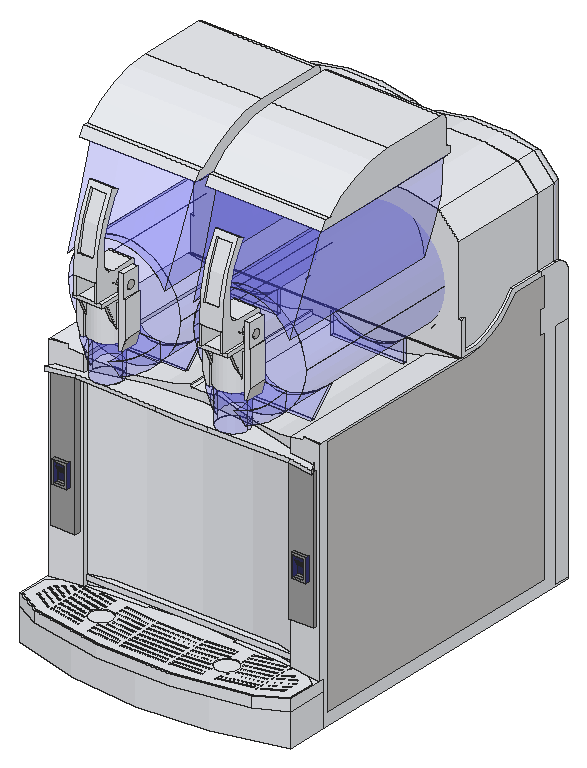
Revit family "QF_ELECTROLUXPROFESSIONAL_560023_NINA2ITNK", category Specialty Equipment, Revit 2018
Family settings
  Round Connector Dimension = Use Diameter
  Part Type = Normal
  Work Plane-Based = No
  Always vertical = Yes
  Cut with Voids When Loaded = No
  Shared = No
  Room Calculation Point = No
Parameters (values of type "QF_ELECTROLUX_560023_NINA2ITNK.rfa")
  Weight = 26.00 kg
  Watts = 0 W
  Volts = 230 V
  URL Manufacturer = "http://professional.electrolux.com"
  URL = "http://professional.electrolux.com"
  Steam Supply Size = 0 mm
  Steam Supply Minimum Pressure = 0.0 Pa
  Steam Supply Maximum Pressure = 0.0 Pa
  Steam Pounds per Hour = 0
  Refrigeration Suction Line Size = 0 mm
  Refrigeration Liquid Line Size = 0 mm
  Refrigerant Compressor Remote = yes
  Manufacturer = "Electrolux"
  Phase = 1
  Model = "NINA2ITNK"
  Length Actual = 281.0 mm  # constant formula
  Item Number = "560023"
  Hot Water Size = 0 mm
  Height Actual = 498.0 mm  # constant formula
  HP = "0.7 HP"
  Gas Size = 0 mm
  Gas KW = 0
  Gas Input Pressure = 0 W
  Direct Waste Size = 0 mm
  Description = "2X2 LT BOWL - FROZEN CREAM DISPENSER - 2 INSULATED BOWLS - WHITE"
  Depth Actual = 391.0 mm  # constant formula
  Cycle = 50 Hz
  Condensate Return Size = 0 mm
  Compressed Air Volume = 0.0 L/s
  Compressed Air Size = 0 mm
  Compressed Air Pressure = 0.0 Pa
  Cold Water Size = 0 mm
  Accessory = yes
Reference planes
  plane 1 "Center (Front/Back)": y = 0
  plane 2 "BASE": z = 0
  plane 3 "Center (Left/Right)": x = 0
  plane 4 "FEET": z = 10
  plane 5 "FRONT": y = -175
  plane 6 "BACK": y = 212.5
  plane 7 "LEFT": x = -140
  plane 8 "RIGHT": x = 140
  plane 9: y = 152.5
  plane 10: y = -118.5
  plane 11: y = -77.5
  plane 12: z = 498
Forms (mm)
  Extrusion 1, solid, material "QF_Finishes_White"
    sketch origin (0, 0, 10) x (-1, 0, 0) y (0, -1, 0)
      loop
        line (140, -212.5) -> (140, 111) -> (-140, 111) -> (-140, -212.5) -> (140, -212.5)
    from 0 to 2
  Extrusion 2, solid, material "QF_Finishes_White"
    sketch origin (0, -5, 10) x (-1, 0, 0) y (0, -1, 0)
      loop
        line (140, 103.5) -> (106.954, 98.856) -> (106.954, 95.826)
        arc (106.954, 95.826) -> (0, 77.869) -> (-106.954, 95.826) r 327.496
        line (-106.954, 95.826) -> (-106.954, 98.856) -> (-140, 103.5) -> (-140, -201.772) -> (140, -201.772) -> (140, 103.5)
    from 265 to 0
  Extrusion 3, solid, material "QF_Finishes_Rubber Black"
    sketch origin (0, 0, 0) x (1, 0, 0) y (0, 1, 0)
      loop
        circle (-120, -77.5) r 6
    from 0 to 6
  Extrusion 4, solid, material "QF_Finishes_Rubber Black"
    sketch origin (0, 0, 0) x (1, 0, 0) y (0, 1, 0)
      loop
        circle (-120, -77.5) r 8
    from 6 to 10
  Extrusion 5, solid, material "QF_Finishes_Rubber Black"
    sketch origin (120, 0, 0) x (1, 0, 0) y (0, 1, 0)
      loop
        circle (0, -77.5) r 6
    from 0 to 6
  Extrusion 6, solid, material "QF_Finishes_Rubber Black"
    sketch origin (120, 0, 0) x (1, 0, 0) y (0, 1, 0)
      loop
        circle (0, -77.5) r 8
    from 6 to 10
  Extrusion 7, solid, material "QF_Finishes_Rubber Black"
    sketch origin (0, 210, 0) x (1, 0, 0) y (0, 1, 0)
      loop
        circle (-120, -57.5) r 6
    from 0 to 6
  Extrusion 8, solid, material "QF_Finishes_Rubber Black"
    sketch origin (0, 210, 0) x (1, 0, 0) y (0, 1, 0)
      loop
        circle (-120, -57.5) r 8
    from 6 to 10
  Extrusion 9, solid, material "QF_Finishes_Rubber Black"
    sketch origin (120, 210, 0) x (1, 0, 0) y (0, 1, 0)
      loop
        circle (0, -57.5) r 6
    from 0 to 6
  Extrusion 10, solid, material "QF_Finishes_Rubber Black"
    sketch origin (120, 210, 0) x (1, 0, 0) y (0, 1, 0)
      loop
        circle (0, -57.5) r 8
    from 6 to 10
  Extrusion 11, void
    sketch origin (0, -175, 0) x (-1, 0, 0) y (0, 0, 1)
      loop
        line (-106.954, 269.173) -> (-106.954, 266.696)
        arc (-106.954, 266.696) -> (-60, 258.966) -> (-13.046, 266.696) r 146.469
        line (-13.046, 266.696) -> (-13.046, 265.525)
        arc (-13.046, 265.525) -> (-12.46, 264.111) -> (-11.046, 263.525) r 2
        line (-11.046, 263.525) -> (11.046, 263.525)
        arc (11.046, 263.525) -> (12.46, 264.111) -> (13.046, 265.525) r 2
        line (13.046, 265.525) -> (13.046, 266.696)
        arc (13.046, 266.696) -> (60, 258.966) -> (106.954, 266.696) r 146.469
        line (106.954, 266.696) -> (106.954, 269.173) -> (140, 275) -> (140, 295) -> (-140, 295) -> (-140, 275) -> (-106.954, 269.173)
    from 69 to 247.582
  Extrusion 12, solid, material "QF_Finishes_White"
    sketch origin (0, 212.5, 0) x (-1, 0, 0) y (0, 0, 1)
      loop
        line (-140, 251.153) -> (140, 251.153) -> (140, 309.757) -> (137, 309.757) -> (137, 381.299) -> (116.549, 404.013)
        arc (116.549, 404.013) -> (65, 410.949) -> (13.451, 404.013) r 195.011
        line (13.451, 404.013) -> (0, 398.849) -> (-13.451, 404.013)
        arc (-13.451, 404.013) -> (-65, 410.949) -> (-116.549, 404.013) r 195.011
        line (-116.549, 404.013) -> (-137, 381.299) -> (-137, 309.747) -> (-140, 309.747) -> (-140, 251.153)
    from 0 to -35
  Sweep 13, void
    path origin (0, 212.5, 0) x (-1, 0, 0) y (0, 0, 1)
      loop
        line (140, 309.757) -> (137, 309.757) -> (137, 381.299) -> (116.549, 404.013)
        arc (116.549, 404.013) -> (65, 410.949) -> (13.451, 404.013) r 195.011
        line (13.451, 404.013) -> (0, 398.849) -> (-13.451, 404.013)
        arc (-13.451, 404.013) -> (-65, 410.949) -> (-116.549, 404.013) r 195.011
        line (-116.549, 404.013) -> (-137, 381.299) -> (-137, 309.747) -> (-140, 309.747)
    profile origin (126.774, 212.5, 392.656) x (-0.743145, 0, -0.669131) y (0, 1, 0)
      loop
        line (0, 0) -> (0, -14)
        arc (0, -14) -> (4.101, -4.101) -> (14, 0) r 14
        line (14, 0) -> (0, 0)
  Extrusion 14, void
    sketch origin (0, 212.5, 0) x (-1, 0, 0) y (0, 0, 1)
      loop
        line (16.817, 275.021) -> (113.183, 275.021) -> (113.183, 365.145)
        arc (113.183, 365.145) -> (65, 375.392) -> (16.817, 365.145) r 118.404
        line (16.817, 365.145) -> (16.817, 275.021)
      loop
        line (-16.817, 275.021) -> (-16.817, 365.145)
        arc (-16.817, 365.145) -> (-65, 375.392) -> (-113.183, 365.145) r 118.404
        line (-113.183, 365.145) -> (-113.183, 275.021) -> (-16.817, 275.021)
    from 0 to -5
  Extrusion 15, solid, material "QF_Finishes_White"
    sketch origin (0, 212.5, 0) x (-1, 0, 0) y (0, 0, 1)
      loop
        line (-140, 251.153) -> (-140, 12) -> (-56.141, 12) -> (-56.141, 40.419) -> (56.141, 40.419) -> (56.141, 12) -> (140, 12) -> (140, 251.153) -> (-140, 251.153)
    from 0 to -15.728
  Extrusion 16, solid, material "QF_Finishes_White"
    sketch origin (0, 0, 23) x (0, 1, 0) y (0, 0, 1)
      loop
        line (182.5, 250) -> (182.5, 281.747) -> (144.485, 281.747)
        arc (144.485, 281.747) -> (116.312, 257.654) -> (80.04, 250) r 74.988
        line (80.04, 250) -> (182.5, 250)
    from -80 to -75
  Extrusion 17, void
    sketch origin (140, 0, 0) x (0, -1, 0) y (0, 0, 1)
      loop
        line (-144.485, 304.747) -> (-182.5, 304.747) -> (-182.5, 274.585) -> (-98.821, 274.585)
        arc (-98.821, 274.585) -> (-124.503, 285.352) -> (-144.485, 304.747) r 74.988
    from 2 to 0
  Extrusion 18, void
    sketch origin (80, 0, 25) x (0, 1, 0) y (0, 0, -1)
      loop
        line (182.5, -250) -> (182.5, -245) -> (80.082, -245) -> (80.082, -248) -> (86.308, -248)
        arc (86.308, -248) -> (93.529, -248.653) -> (100.653, -250) r 74.988
        line (100.653, -250) -> (182.5, -250)
    from 0 to 2
  Extrusion 19, solid, material "QF_Finishes_Stainless Steel"
    sketch origin (140, 0, 0) x (0, -1, 0) y (0, 0, 1)
      loop
        line (-182.5, 22) -> (98.5, 22) -> (98.5, 273) -> (-86.308, 273)
        arc (-86.308, 273) -> (-93.529, 273.653) -> (-100.653, 275) r 74.988
        arc (-100.653, 275) -> (-125.283, 285.874) -> (-144.485, 304.747) r 74.988
        line (-144.485, 304.747) -> (-182.5, 304.747) -> (-182.5, 22)
    from 0 to 2
  Extrusion 20, solid, material "QF_Finishes_White"
    sketch origin (0, 212.5, 0) x (-1, 0, 0) y (0, 0, 1)
      loop
        line (13.451, 404.013) -> (0, 389.073) -> (-13.451, 404.013)
        arc (-13.451, 404.013) -> (-65, 410.949) -> (-116.549, 404.013) r 195.011
        line (-116.549, 404.013) -> (-137, 381.299) -> (-137, 309.747) -> (-140, 309.747) -> (-140, 275) -> (140, 275) -> (140, 309.757) -> (137, 309.757) -> (137, 381.299) -> (116.549, 404.013)
        arc (116.549, 404.013) -> (65, 410.949) -> (13.451, 404.013) r 195.011
    from -137.418 to -35
  Extrusion 21, solid, material "QF_Plastic-Black-Matte"
    sketch origin (-140, -10.476, 25) x (0, 1, 0) y (0, 0, 1)
      loop
        line (-98.024, 125.394) -> (-98.024, 139.994)
        arc (-98.024, 139.994) -> (-101.113, 140.604) -> (-103.877, 139.098) r 4.629
        line (-103.877, 139.098) -> (-100.57, 133.042) -> (-100.57, 125.394) -> (-98.024, 125.394)
    from 12.243 to 20.243
  Extrusion 22, solid, material "QF_Finishes_White"
    sketch origin (0, 0, 0) x (1, 0, 0) y (0, 1, 0)
      loop
        line (-140, -103.5) -> (-140, -145.5)
        arc (-140, -145.5) -> (0, -170.312) -> (140, -145.5) r 407.377
        line (140, -145.5) -> (140, -103.5) -> (106.954, -98.856) -> (106.954, -95.826)
        arc (106.954, -95.826) -> (0, -77.869) -> (-106.954, -95.826) r 327.496
        line (-106.954, -95.826) -> (-106.954, -98.856) -> (-140, -103.5)
    from 44.115 to 10
  Extrusion 23, solid, material "QF_Finishes_White"
    sketch origin (0, -175, 0) x (-1, 0, 0) y (0, 0, 1)
      loop
        line (106.954, 65.505) -> (-106.954, 65.505) -> (-106.954, 60.037) -> (106.954, 60.037) -> (106.954, 65.505)
    from 73.644 to 80.22
  Extrusion 24, void
    sketch origin (0, 0, 0) x (1, 0, 0) y (0, 1, 0)
      loop
        line (-138, -105.239) -> (-138, -137.462) -> (-109.325, -153.356)
        arc (-109.325, -153.356) -> (0, -167) -> (109.325, -153.356) r 444.831
        line (109.325, -153.356) -> (138, -137.462) -> (138, -105.239) -> (104.954, -100.594) -> (104.954, -97.548)
        arc (104.954, -97.548) -> (0, -80.148) -> (-104.954, -97.548) r 325.218
        line (-104.954, -97.548) -> (-104.954, -100.594) -> (-138, -105.239)
    from 55.5 to 23.889
  Extrusion 25, solid, material "QF_Finishes_White"
    sketch origin (0, 0, 0) x (1, 0, 0) y (0, 1, 0)
      loop
        line (-44.954, -100.084) -> (-123.341, -104.427) -> (-138, -116.081) -> (-138, -144.322) -> (-111.556, -158.98)
        arc (-111.556, -158.98) -> (0, -173) -> (111.556, -158.98) r 450.831
        line (111.556, -158.98) -> (138, -144.322) -> (138, -116.081) -> (123.341, -104.427) -> (44.954, -100.594) -> (44.954, -97.548)
        arc (44.954, -97.548) -> (0, -94.283) -> (-44.954, -97.548) r 311.082
        line (-44.954, -97.548) -> (-44.954, -100.084)
      loop
        circle (-65, -134.447) r 11.53
      loop
        arc (-104.707, -150.384) -> (-88.083, -154.11) -> (-71.328, -157.191) r 440.831
        line (-71.328, -157.191) -> (-71.328, -155.164)
        arc (-71.328, -155.164) -> (-88.084, -152.069) -> (-104.707, -148.325) r 438.831
        line (-104.707, -148.325) -> (-104.707, -150.384)
      loop
        line (-104.707, -105.973) -> (-104.707, -108.046)
        arc (-104.707, -108.046) -> (-88.098, -112.174) -> (-71.328, -115.586) r 399.831
        line (-71.328, -115.586) -> (-71.328, -113.554)
        arc (-71.328, -113.554) -> (-88.099, -110.123) -> (-104.707, -105.973) r 397.831
      loop
        arc (-104.707, -145.235) -> (-88.085, -149.006) -> (-71.328, -152.124) r 435.831
        line (-71.328, -152.124) -> (-71.328, -150.096)
        arc (-71.328, -150.096) -> (-88.086, -146.963) -> (-104.707, -143.175) r 433.831
        line (-104.707, -143.175) -> (-104.707, -145.235)
      loop
        arc (-104.707, -139.052) -> (-89.496, -142.58) -> (-74.168, -145.553) r 429.831
        line (-74.168, -145.553) -> (-74.168, -143.522)
        arc (-74.168, -143.522) -> (-89.497, -140.534) -> (-104.707, -136.989) r 427.831
        line (-104.707, -136.989) -> (-104.707, -139.052)
      loop
        arc (-104.707, -132.862) -> (-91.331, -136.043) -> (-77.858, -138.787) r 423.831
        line (-77.858, -138.787) -> (-77.858, -136.753)
        arc (-77.858, -136.753) -> (-91.331, -133.994) -> (-104.707, -130.798) r 421.831
        line (-104.707, -130.798) -> (-104.707, -132.862)
      loop
        arc (-104.707, -126.668) -> (-91.332, -129.896) -> (-77.858, -132.682) r 417.831
        line (-77.858, -132.682) -> (-77.858, -130.646)
        arc (-77.858, -130.646) -> (-91.333, -127.846) -> (-104.707, -124.601) r 415.831
        line (-104.707, -124.601) -> (-104.707, -126.668)
      loop
        arc (-104.707, -120.467) -> (-90.026, -124.04) -> (-75.223, -127.072) r 411.831
        line (-75.223, -127.072) -> (-75.223, -125.037)
        arc (-75.223, -125.037) -> (-90.027, -121.99) -> (-104.707, -118.399) r 409.831
        line (-104.707, -118.399) -> (-104.707, -120.467)
      loop
        arc (-104.707, -114.26) -> (-88.096, -118.323) -> (-71.328, -121.683) r 405.831
        line (-71.328, -121.683) -> (-71.328, -119.651)
        arc (-71.328, -119.651) -> (-88.097, -116.274) -> (-104.707, -112.189) r 403.831
        line (-104.707, -112.189) -> (-104.707, -114.26)
      loop
        arc (-88.807, -105.857) -> (-80.088, -107.771) -> (-71.328, -109.487) r 393.831
        line (-71.328, -109.487) -> (-71.328, -107.453)
        arc (-71.328, -107.453) -> (-80.088, -105.728) -> (-88.807, -103.804) r 391.831
        line (-88.807, -103.804) -> (-88.807, -105.857)
      loop
        line (-58.672, -109.582) -> (-58.672, -111.605)
        arc (-58.672, -111.605) -> (-42.843, -113.663) -> (-26.943, -115.077) r 393.831
        line (-26.943, -115.077) -> (-26.943, -113.073)
        arc (-26.943, -113.073) -> (-42.843, -111.651) -> (-58.672, -109.582) r 391.831
      loop
        line (-58.672, -157.06) -> (-58.672, -159.078)
        arc (-58.672, -159.078) -> (-42.835, -160.914) -> (-26.943, -162.176) r 440.831
        line (-26.943, -162.176) -> (-26.943, -160.172)
        arc (-26.943, -160.172) -> (-42.836, -158.904) -> (-58.672, -157.06) r 438.831
      loop
        arc (-58.672, -154.033) -> (-42.836, -155.89) -> (-26.943, -157.166) r 435.831
        line (-26.943, -157.166) -> (-26.943, -155.163)
        arc (-26.943, -155.163) -> (-42.836, -153.88) -> (-58.672, -152.014) r 433.831
        line (-58.672, -152.014) -> (-58.672, -154.033)
      loop
        arc (-58.672, -147.977) -> (-42.837, -149.86) -> (-26.943, -151.155) r 429.831
        line (-26.943, -151.155) -> (-26.943, -149.151)
        arc (-26.943, -149.151) -> (-42.837, -147.85) -> (-58.672, -145.958) r 427.831
        line (-58.672, -145.958) -> (-58.672, -147.977)
      loop
        arc (-53, -142.673) -> (-39.99, -144.109) -> (-26.943, -145.143) r 423.831
        line (-26.943, -145.143) -> (-26.943, -143.139)
        arc (-26.943, -143.139) -> (-39.991, -142.1) -> (-53, -140.657) r 421.831
        line (-53, -140.657) -> (-53, -142.673)
      loop
        arc (-51.012, -136.874) -> (-38.993, -138.177) -> (-26.943, -139.13) r 417.831
        line (-26.943, -139.13) -> (-26.943, -137.126)
        arc (-26.943, -137.126) -> (-38.994, -136.168) -> (-51.012, -134.859) r 415.831
        line (-51.012, -134.859) -> (-51.012, -136.874)
      loop
        arc (-51.012, -130.829) -> (-38.994, -132.15) -> (-26.943, -133.118) r 411.831
        line (-26.943, -133.118) -> (-26.943, -131.113)
        arc (-26.943, -131.113) -> (-38.994, -130.141) -> (-51.012, -128.813) r 409.831
        line (-51.012, -128.813) -> (-51.012, -130.829)
      loop
        arc (-58.672, -123.736) -> (-42.841, -125.732) -> (-26.943, -127.105) r 405.831
        line (-26.943, -127.105) -> (-26.943, -125.1)
        arc (-26.943, -125.1) -> (-42.841, -123.721) -> (-58.672, -121.715) r 403.831
        line (-58.672, -121.715) -> (-58.672, -123.736)
      loop
        arc (-58.672, -117.672) -> (-42.842, -119.698) -> (-26.943, -121.091) r 399.831
        line (-26.943, -121.091) -> (-26.943, -119.087)
        arc (-26.943, -119.087) -> (-42.842, -117.686) -> (-58.672, -115.65) r 397.831
        line (-58.672, -115.65) -> (-58.672, -117.672)
      loop
        arc (23.123, -113.317) -> (0, -114) -> (-23.123, -113.317) r 391.831
        line (-23.123, -113.317) -> (-23.123, -115.321)
        arc (-23.123, -115.321) -> (0, -116) -> (23.123, -115.321) r 393.831
        line (23.123, -115.321) -> (23.123, -113.317)
      loop
        arc (23.123, -119.327) -> (0, -120) -> (-23.123, -119.327) r 397.831
        line (-23.123, -119.327) -> (-23.123, -121.331)
        arc (-23.123, -121.331) -> (0, -122) -> (23.123, -121.331) r 399.831
        line (23.123, -121.331) -> (23.123, -119.327)
      loop
        arc (23.123, -125.337) -> (0, -126) -> (-23.123, -125.337) r 403.831
        line (-23.123, -125.337) -> (-23.123, -127.341)
        arc (-23.123, -127.341) -> (0, -128) -> (23.123, -127.341) r 405.831
        line (23.123, -127.341) -> (23.123, -125.337)
      loop
        arc (23.123, -131.347) -> (0, -132) -> (-23.123, -131.347) r 409.831
        line (-23.123, -131.347) -> (-23.123, -133.35)
        arc (-23.123, -133.35) -> (0, -134) -> (23.123, -133.35) r 411.831
        line (23.123, -133.35) -> (23.123, -131.347)
      loop
        arc (23.123, -137.357) -> (0, -138) -> (-23.123, -137.357) r 415.831
        line (-23.123, -137.357) -> (-23.123, -139.36)
        arc (-23.123, -139.36) -> (0, -140) -> (23.123, -139.36) r 417.831
        line (23.123, -139.36) -> (23.123, -137.357)
      loop
        arc (23.123, -143.366) -> (0, -144) -> (-23.123, -143.366) r 421.831
        line (-23.123, -143.366) -> (-23.123, -145.369)
        arc (-23.123, -145.369) -> (0, -146) -> (23.123, -145.369) r 423.831
        line (23.123, -145.369) -> (23.123, -143.366)
      loop
        arc (23.123, -149.375) -> (0, -150) -> (-23.123, -149.375) r 427.831
        line (-23.123, -149.375) -> (-23.123, -151.378)
        arc (-23.123, -151.378) -> (0, -152) -> (23.123, -151.378) r 429.831
        line (23.123, -151.378) -> (23.123, -149.375)
      loop
        arc (23.123, -155.383) -> (0, -156) -> (-23.123, -155.383) r 433.831
        line (-23.123, -155.383) -> (-23.123, -157.386)
        arc (-23.123, -157.386) -> (0, -158) -> (23.123, -157.386) r 435.831
        line (23.123, -157.386) -> (23.123, -155.383)
      loop
        arc (23.123, -160.39) -> (0, -161) -> (-23.123, -160.39) r 438.831
        line (-23.123, -160.39) -> (-23.123, -162.393)
        arc (-23.123, -162.393) -> (0, -163) -> (23.123, -162.393) r 440.831
        line (23.123, -162.393) -> (23.123, -160.39)
      loop
        line (-128, -138.431) -> (-107.36, -149.872) -> (-107.36, -147.586) -> (-128, -136.145) -> (-128, -138.431)
      loop
        line (-128, -131.571) -> (-107.36, -143.012) -> (-107.36, -140.725) -> (-128, -129.285) -> (-128, -131.571)
      loop
        line (-128, -124.711) -> (-107.36, -136.152) -> (-107.36, -133.865) -> (-128, -122.425) -> (-128, -124.711)
      loop
        line (-125.736, -119.106) -> (-107.36, -129.292) -> (-107.36, -127.005) -> (-124.042, -117.759) -> (-125.736, -119.106)
      loop
        line (-120.652, -115.064) -> (-107.36, -122.432) -> (-107.36, -120.145) -> (-118.958, -113.717) -> (-120.652, -115.064)
      loop
        line (-115.568, -111.022) -> (-107.36, -115.572) -> (-107.36, -113.285) -> (-113.873, -109.675) -> (-115.568, -111.022)
      loop
        line (-110.484, -106.98) -> (-107.36, -108.712) -> (-107.36, -106.425) -> (-108.789, -105.633) -> (-110.484, -106.98)
      loop
        circle (65, -134.447) r 11.53
      loop
        line (104.707, -150.384) -> (104.707, -148.325)
        arc (104.707, -148.325) -> (88.084, -152.069) -> (71.328, -155.164) r 438.831
        line (71.328, -155.164) -> (71.328, -157.191)
        arc (71.328, -157.191) -> (88.083, -154.11) -> (104.707, -150.384) r 440.831
      loop
        arc (104.707, -105.973) -> (88.099, -110.123) -> (71.328, -113.554) r 397.831
        line (71.328, -113.554) -> (71.328, -115.586)
        arc (71.328, -115.586) -> (88.098, -112.174) -> (104.707, -108.046) r 399.831
        line (104.707, -108.046) -> (104.707, -105.973)
      loop
        line (104.707, -145.235) -> (104.707, -143.175)
        arc (104.707, -143.175) -> (88.086, -146.963) -> (71.328, -150.096) r 433.831
        line (71.328, -150.096) -> (71.328, -152.124)
        arc (71.328, -152.124) -> (88.085, -149.006) -> (104.707, -145.235) r 435.831
      loop
        line (104.707, -139.052) -> (104.707, -136.989)
        arc (104.707, -136.989) -> (89.497, -140.534) -> (74.168, -143.522) r 427.831
        line (74.168, -143.522) -> (74.168, -145.553)
        arc (74.168, -145.553) -> (89.496, -142.58) -> (104.707, -139.052) r 429.831
      loop
        line (104.707, -132.862) -> (104.707, -130.798)
        arc (104.707, -130.798) -> (91.331, -133.994) -> (77.858, -136.753) r 421.831
        line (77.858, -136.753) -> (77.858, -138.787)
        arc (77.858, -138.787) -> (91.331, -136.043) -> (104.707, -132.862) r 423.831
      loop
        line (104.707, -126.668) -> (104.707, -124.601)
        arc (104.707, -124.601) -> (91.333, -127.846) -> (77.858, -130.646) r 415.831
        line (77.858, -130.646) -> (77.858, -132.682)
        arc (77.858, -132.682) -> (91.332, -129.896) -> (104.707, -126.668) r 417.831
      loop
        line (104.707, -120.467) -> (104.707, -118.399)
        arc (104.707, -118.399) -> (90.027, -121.99) -> (75.223, -125.037) r 409.831
        line (75.223, -125.037) -> (75.223, -127.072)
        arc (75.223, -127.072) -> (90.026, -124.04) -> (104.707, -120.467) r 411.831
      loop
        line (104.707, -114.26) -> (104.707, -112.189)
        arc (104.707, -112.189) -> (88.097, -116.274) -> (71.328, -119.651) r 403.831
        line (71.328, -119.651) -> (71.328, -121.683)
        arc (71.328, -121.683) -> (88.096, -118.323) -> (104.707, -114.26) r 405.831
      loop
        line (88.807, -105.857) -> (88.807, -103.804)
        arc (88.807, -103.804) -> (80.088, -105.728) -> (71.328, -107.453) r 391.831
        line (71.328, -107.453) -> (71.328, -109.487)
        arc (71.328, -109.487) -> (80.088, -107.771) -> (88.807, -105.857) r 393.831
      loop
        arc (58.672, -109.582) -> (42.843, -111.651) -> (26.943, -113.073) r 391.831
        line (26.943, -113.073) -> (26.943, -115.077)
        arc (26.943, -115.077) -> (42.843, -113.663) -> (58.672, -111.605) r 393.831
        line (58.672, -111.605) -> (58.672, -109.582)
      loop
        arc (58.672, -157.06) -> (42.836, -158.904) -> (26.943, -160.172) r 438.831
        line (26.943, -160.172) -> (26.943, -162.176)
        arc (26.943, -162.176) -> (42.835, -160.914) -> (58.672, -159.078) r 440.831
        line (58.672, -159.078) -> (58.672, -157.06)
      loop
        line (58.672, -154.033) -> (58.672, -152.014)
        arc (58.672, -152.014) -> (42.836, -153.88) -> (26.943, -155.163) r 433.831
        line (26.943, -155.163) -> (26.943, -157.166)
        arc (26.943, -157.166) -> (42.836, -155.89) -> (58.672, -154.033) r 435.831
      loop
        line (58.672, -147.977) -> (58.672, -145.958)
        arc (58.672, -145.958) -> (42.837, -147.85) -> (26.943, -149.151) r 427.831
        line (26.943, -149.151) -> (26.943, -151.155)
        arc (26.943, -151.155) -> (42.837, -149.86) -> (58.672, -147.977) r 429.831
      loop
        line (53, -142.673) -> (53, -140.657)
        arc (53, -140.657) -> (39.991, -142.1) -> (26.943, -143.139) r 421.831
        line (26.943, -143.139) -> (26.943, -145.143)
        arc (26.943, -145.143) -> (39.99, -144.109) -> (53, -142.673) r 423.831
      loop
        line (51.012, -136.874) -> (51.012, -134.859)
        arc (51.012, -134.859) -> (38.994, -136.168) -> (26.943, -137.126) r 415.831
        line (26.943, -137.126) -> (26.943, -139.13)
        arc (26.943, -139.13) -> (38.993, -138.177) -> (51.012, -136.874) r 417.831
      loop
        line (51.012, -130.829) -> (51.012, -128.813)
        arc (51.012, -128.813) -> (38.994, -130.141) -> (26.943, -131.113) r 409.831
        line (26.943, -131.113) -> (26.943, -133.118)
        arc (26.943, -133.118) -> (38.994, -132.15) -> (51.012, -130.829) r 411.831
      loop
        line (58.672, -123.736) -> (58.672, -121.715)
        arc (58.672, -121.715) -> (42.841, -123.721) -> (26.943, -125.1) r 403.831
        line (26.943, -125.1) -> (26.943, -127.105)
        arc (26.943, -127.105) -> (42.841, -125.732) -> (58.672, -123.736) r 405.831
      loop
        line (58.672, -117.672) -> (58.672, -115.65)
        arc (58.672, -115.65) -> (42.842, -117.686) -> (26.943, -119.087) r 397.831
        line (26.943, -119.087) -> (26.943, -121.091)
        arc (26.943, -121.091) -> (42.842, -119.698) -> (58.672, -117.672) r 399.831
      loop
        line (128, -138.431) -> (128, -136.145) -> (107.36, -147.586) -> (107.36, -149.872) -> (128, -138.431)
      loop
        line (128, -131.571) -> (128, -129.285) -> (107.36, -140.725) -> (107.36, -143.012) -> (128, -131.571)
      loop
        line (128, -124.711) -> (128, -122.425) -> (107.36, -133.865) -> (107.36, -136.152) -> (128, -124.711)
      loop
        line (125.736, -119.106) -> (124.042, -117.759) -> (107.36, -127.005) -> (107.36, -129.292) -> (125.736, -119.106)
      loop
        line (120.652, -115.064) -> (118.958, -113.717) -> (107.36, -120.145) -> (107.36, -122.432) -> (120.652, -115.064)
      loop
        line (115.568, -111.022) -> (113.873, -109.675) -> (107.36, -113.285) -> (107.36, -115.572) -> (115.568, -111.022)
      loop
        line (110.484, -106.98) -> (108.789, -105.633) -> (107.36, -106.425) -> (107.36, -108.712) -> (110.484, -106.98)
    from 50.2 to 55.5
  Extrusion 26, void
    sketch origin (0, 0, 0) x (1, 0, 0) y (0, 1, 0)
      loop
        line (-110, 212.5) -> (-25.251, 187.751) -> (-25.251, 177.5) -> (25.251, 177.5) -> (25.251, 187.751) -> (110, 212.5) -> (-110, 212.5)
    from 10 to 44.899
  Extrusion 27, solid, material "QF_Finishes_Rubber Black"
    sketch origin (0, 212.5, 0) x (-1, 0, 0) y (0, 0, 1)
      loop
        circle (0, 25.877) r 10
    from -24.749 to -18.988
  Extrusion 28, solid, material "QF_Finishes_Gray"
    sketch origin (0, -175, 23.376) x (1, 0, 0) y (0, 0, -1)
      loop
        line (-110.904, -226.255) -> (-110.904, -81.255) -> (-135.904, -81.255) -> (-135.904, -226.255) -> (-110.904, -226.255)
    from 64 to 71.144
  Extrusion 29, solid, material "QF_Finishes_Dark Grey"
    sketch origin (0, -175, 25) x (1, 0, 0) y (0, 0, -1)
      loop
        line (-116.257, -145.034) -> (-116.257, -121.212) -> (-131.257, -121.212) -> (-131.257, -145.034) -> (-116.257, -145.034)
      loop
        line (-118.257, -143.034) -> (-118.257, -123.212) -> (-129.257, -123.212) -> (-129.257, -143.034) -> (-118.257, -143.034)
    from 60 to 68
  Extrusion 30, solid, material "QF_Plastic-Black-Matte"
    sketch origin (140, -10.476, 25) x (0, 1, 0) y (0, 0, -1)
      loop
        line (-98.024, -125.394) -> (-100.57, -125.394) -> (-100.57, -133.042) -> (-103.877, -139.098)
        arc (-103.877, -139.098) -> (-101.113, -140.604) -> (-98.024, -139.994) r 4.629
        line (-98.024, -139.994) -> (-98.024, -125.394)
    from 12.243 to 20.243
  Extrusion 31, solid, material "QF_Finishes_Gray"
    sketch origin (0, -175, 23.376) x (-1, 0, 0) y (0, 0, 1)
      loop
        line (-110.904, 226.255) -> (-135.904, 226.255) -> (-135.904, 81.255) -> (-110.904, 81.255) -> (-110.904, 226.255)
    from 64 to 71.144
  Extrusion 32, solid, material "QF_Finishes_Dark Grey"
    sketch origin (0, -175, 25) x (-1, 0, 0) y (0, 0, 1)
      loop
        line (-116.257, 145.034) -> (-131.257, 145.034) -> (-131.257, 121.212) -> (-116.257, 121.212) -> (-116.257, 145.034)
      loop
        line (-118.257, 143.034) -> (-129.257, 143.034) -> (-129.257, 123.212) -> (-118.257, 123.212) -> (-118.257, 143.034)
    from 60 to 68
  Extrusion 33, void
    sketch origin (140, 0, 0) x (0, -1, 0) y (0, 0, 1)
      loop
        line (-182.5, 22) -> (98.5, 22) -> (98.5, 273) -> (-86.308, 273)
        arc (-86.308, 273) -> (-93.529, 273.653) -> (-100.653, 275) r 74.988
        arc (-100.653, 275) -> (-127.713, 287.595) -> (-147.717, 309.747) r 74.988
        line (-147.717, 309.747) -> (-182.5, 309.747) -> (-182.5, 22)
    from 0 to 2
  Extrusion 34, void
    sketch origin (140, 0, 0) x (0, -1, 0) y (0, 0, 1)
      loop
        line (-80.082, 278.003) -> (-80.082, 313.557) -> (-144.144, 313.557)
        arc (-144.144, 313.557) -> (-117.137, 286.727) -> (-80.082, 278.003) r 69.988
    from 0 to 3
  Extrusion 35, void
    sketch origin (-140, 0, 0) x (0, -1, 0) y (0, 0, -1)
      loop
        line (-182.5, -22) -> (-182.5, -275) -> (-100.653, -275)
        arc (-100.653, -275) -> (-93.529, -273.653) -> (-86.308, -273) r 74.988
        line (-86.308, -273) -> (98.5, -273) -> (98.5, -22) -> (-182.5, -22)
    from 0 to 2
  Extrusion 36, void
    sketch origin (-140, 0, 0) x (0, -1, 0) y (0, 0, -1)
      loop
        arc (-80.082, -278.003) -> (-117.137, -286.727) -> (-144.144, -313.557) r 69.988
        line (-144.144, -313.557) -> (-80.082, -313.557) -> (-80.082, -278.003)
    from 0 to 3
  Extrusion 37, void
    sketch origin (-140, 0, 0) x (0, 1, 0) y (0, 0, 1)
      loop
        arc (144.485, 304.747) -> (125.283, 285.874) -> (100.653, 275) r 74.988
        line (100.653, 275) -> (182.5, 275) -> (182.5, 304.747) -> (144.485, 304.747)
    from 0 to 2
  Extrusion 38, solid, material "QF_Finishes_Stainless Steel"
    sketch origin (-140, 0, 0) x (0, 1, 0) y (0, 0, 1)
      loop
        line (182.5, 22) -> (182.5, 304.747) -> (144.485, 304.747)
        arc (144.485, 304.747) -> (119.094, 282.098) -> (86.308, 273) r 74.988
        line (86.308, 273) -> (-98.5, 273) -> (-98.5, 22) -> (182.5, 22)
    from 0 to 2
  Extrusion 39, solid, material "QF_Finishes_White"
    sketch origin (0, 0, 0) x (1, 0, 0) y (0, 1, 0)
      loop
        line (-110.904, -111) -> (-26.943, -113.073)
        arc (-26.943, -113.073) -> (0, -114.518) -> (26.943, -113.073) r 251.878
        line (26.943, -113.073) -> (110.904, -111) -> (138, -116.081) -> (129.918, -102.083) -> (106.954, -98.856) -> (106.954, -95.826)
        arc (106.954, -95.826) -> (0, -77.869) -> (-106.954, -95.826) r 327.496
        line (-106.954, -95.826) -> (-106.954, -98.856) -> (-129.918, -102.083) -> (-138, -116.081) -> (-110.904, -111)
    from 249.631 to 253.978
  Extrusion 40, solid, material "QF_Finishes_White"
    sketch origin (0, 0, 0) x (1, 0, 0) y (0, 1, 0)
      loop
        line (-140, -103.5) -> (-140, -145.5) -> (-112.301, -160.854)
        arc (-112.301, -160.854) -> (0, -175) -> (112.301, -160.854) r 452.831
        line (112.301, -160.854) -> (140, -145.5) -> (140, -103.5) -> (106.954, -98.856) -> (106.954, -95.826)
        arc (106.954, -95.826) -> (0, -77.869) -> (-106.954, -95.826) r 327.496
        line (-106.954, -95.826) -> (-106.954, -98.856) -> (-140, -103.5)
    from 55.5 to 44.115
  Extrusion 41, solid, material "QF_Clearances", detail levels coarse
    sketch origin (-130.708, 37.984, 0) x (1, 0, 0) y (0, 1, 0)
      loop
        line (-9.292, -212.984) -> (-9.292, 174.516) -> (270.708, 174.516) -> (270.708, -212.984) -> (420.708, -212.984) -> (420.708, 324.516) -> (-159.292, 324.516) -> (-159.292, -212.984) -> (-9.292, -212.984)
    from 0 to 498
Cuts and joins
  Extrusion 24, Extrusion 26, Extrusion 35, Extrusion 37 cuts Extrusion 1
  Extrusion 11, Extrusion 17, Extrusion 18, Extrusion 26, Extrusion 33, Extrusion 35, Extrusion 37 cuts Extrusion 2
  Sweep 13, Extrusion 14, Extrusion 17, Extrusion 18, Extrusion 26, Extrusion 35, Extrusion 37 cuts Extrusion 12
  Extrusion 17, Extrusion 18, Extrusion 26, Extrusion 35, Extrusion 37 cuts Extrusion 16
  joined: Extrusion 1, Extrusion 2, Extrusion 12, Extrusion 16
  Extrusion 24 cuts Extrusion 22
  Extrusion 17, Extrusion 34, Extrusion 35, Extrusion 36, Extrusion 37 cuts Extrusion 20
  Extrusion 26 cuts Extrusion 15
  Extrusion 35 cuts Extrusion 19
Lines and regions (mm)
  Split face 1
    outline origin (0, -111, 23.376) x (1, 0, 0) y (0, 0, 1)
      loop
        line (-122.947, 214.275) -> (-125.479, 214.275) -> (-125.479, 210.296) -> (-129.457, 210.296) -> (-129.457, 207.765) -> (-125.479, 207.765) -> (-125.479, 203.787) -> (-122.947, 203.787) -> (-122.947, 207.765) -> (-118.969, 207.765) -> (-118.969, 210.296) -> (-122.947, 210.296) -> (-122.947, 214.275)
  Split face 2
    outline origin (0, -111, 23.376) x (1, 0, 0) y (0, 0, 1)
      loop
        line (-118.969, 114.095) -> (-129.457, 114.095) -> (-129.457, 111.563) -> (-118.969, 111.563) -> (-118.969, 114.095)
  Split face 3
    outline origin (0, -111, 23.376) x (1, 0, 0) y (0, 0, 1)
      loop
        line (-121.32, 199.266) -> (-127.287, 199.266) -> (-127.287, 196.825) -> (-121.32, 196.825) -> (-121.32, 199.266)
  Split face 4
    outline origin (0, -111, 19.85) x (1, 0, 0) y (0, 0, 1)
      loop
        line (-121.32, 199.266) -> (-127.287, 199.266) -> (-127.287, 196.825) -> (-121.32, 196.825) -> (-121.32, 199.266)
  Split face 5
    outline origin (0, -111, 16.414) x (1, 0, 0) y (0, 0, 1)
      loop
        line (-121.32, 199.266) -> (-127.287, 199.266) -> (-127.287, 196.825) -> (-121.32, 196.825) -> (-121.32, 199.266)
  Split face 6
    outline origin (0, -111, 12.888) x (1, 0, 0) y (0, 0, 1)
      loop
        line (-121.32, 199.266) -> (-127.287, 199.266) -> (-127.287, 196.825) -> (-121.32, 196.825) -> (-121.32, 199.266)
  Split face 7
    outline origin (0, -111, 9.376) x (1, 0, 0) y (0, 0, 1)
      loop
        line (-121.32, 199.266) -> (-127.287, 199.266) -> (-127.287, 196.825) -> (-121.32, 196.825) -> (-121.32, 199.266)
  Split face 8
    outline origin (0, -111, 5.85) x (1, 0, 0) y (0, 0, 1)
      loop
        line (-121.32, 199.266) -> (-127.287, 199.266) -> (-127.287, 196.825) -> (-121.32, 196.825) -> (-121.32, 199.266)
  Split face 9
    outline origin (0, -111, 2.414) x (1, 0, 0) y (0, 0, 1)
      loop
        line (-121.32, 199.266) -> (-127.287, 199.266) -> (-127.287, 196.825) -> (-121.32, 196.825) -> (-121.32, 199.266)
  Split face 10
    outline origin (0, -111, -1.112) x (1, 0, 0) y (0, 0, 1)
      loop
        line (-121.32, 199.266) -> (-127.287, 199.266) -> (-127.287, 196.825) -> (-121.32, 196.825) -> (-121.32, 199.266)
  Split face 11
    outline origin (0, -111, 23.376) x (-1, 0, 0) y (0, 0, 1)
      loop
        line (-122.947, 214.275) -> (-125.479, 214.275) -> (-125.479, 210.296) -> (-129.457, 210.296) -> (-129.457, 207.765) -> (-125.479, 207.765) -> (-125.479, 203.787) -> (-122.947, 203.787) -> (-122.947, 207.765) -> (-118.969, 207.765) -> (-118.969, 210.296) -> (-122.947, 210.296) -> (-122.947, 214.275)
  Split face 12
    outline origin (0, -111, 23.376) x (-1, 0, 0) y (0, 0, 1)
      loop
        line (-118.969, 114.095) -> (-129.457, 114.095) -> (-129.457, 111.563) -> (-118.969, 111.563) -> (-118.969, 114.095)
  Split face 13
    outline origin (0, -111, 23.376) x (-1, 0, 0) y (0, 0, 1)
      loop
        line (-121.32, 199.266) -> (-127.287, 199.266) -> (-127.287, 196.825) -> (-121.32, 196.825) -> (-121.32, 199.266)
  Split face 14
    outline origin (0, -111, 19.85) x (-1, 0, 0) y (0, 0, 1)
      loop
        line (-121.32, 199.266) -> (-127.287, 199.266) -> (-127.287, 196.825) -> (-121.32, 196.825) -> (-121.32, 199.266)
  Split face 15
    outline origin (0, -111, 16.414) x (-1, 0, 0) y (0, 0, 1)
      loop
        line (-121.32, 199.266) -> (-127.287, 199.266) -> (-127.287, 196.825) -> (-121.32, 196.825) -> (-121.32, 199.266)
  Split face 16
    outline origin (0, -111, 12.888) x (-1, 0, 0) y (0, 0, 1)
      loop
        line (-121.32, 199.266) -> (-127.287, 199.266) -> (-127.287, 196.825) -> (-121.32, 196.825) -> (-121.32, 199.266)
  Split face 17
    outline origin (0, -111, 9.376) x (-1, 0, 0) y (0, 0, 1)
      loop
        line (-121.32, 199.266) -> (-127.287, 199.266) -> (-127.287, 196.825) -> (-121.32, 196.825) -> (-121.32, 199.266)
  Split face 18
    outline origin (0, -111, 5.85) x (-1, 0, 0) y (0, 0, 1)
      loop
        line (-121.32, 199.266) -> (-127.287, 199.266) -> (-127.287, 196.825) -> (-121.32, 196.825) -> (-121.32, 199.266)
  Split face 19
    outline origin (0, -111, 2.414) x (-1, 0, 0) y (0, 0, 1)
      loop
        line (-121.32, 199.266) -> (-127.287, 199.266) -> (-127.287, 196.825) -> (-121.32, 196.825) -> (-121.32, 199.266)
  Split face 20
    outline origin (0, -111, -1.112) x (-1, 0, 0) y (0, 0, 1)
      loop
        line (-121.32, 199.266) -> (-127.287, 199.266) -> (-127.287, 196.825) -> (-121.32, 196.825) -> (-121.32, 199.266)
  symbolic lines
    curve 1: line (-140, 212.5, 0) -> (-140, -145.5, 0)
    curve 2: line (140, -145.5, 0) -> (140, 212.5, 0)
    curve 3: line (140, 212.5, 0) -> (-140, 212.5, 0)
    curve 4: spline (-108.946, 212.467, 0) -> (-109.891, 212.395, 0) -> (-110.822, 212.094, 0) -> (-111.727, 211.569, 0) -> (-112.589, 210.83, 0) -> (-113.395, 209.886, 0) -> (-114.133, 208.754, 0) -> (-114.789, 207.452, 0) -> (-115.355, 206.001, 0) -> (-115.82, 204.424, 0) -> (-116.178, 202.746, 0) -> (-116.422, 200.995, 0) -> (-116.549, 199.198, 0)
    curve 5: arc (-123, 212.5, 0) -> (-132.899, 208.399, 0) -> (-137, 198.5, 0) r 14
    curve 6: spline (-13.451, 198.523, 0) -> (-13.498, 200.349, 0) -> (-13.617, 202.144, 0) -> (-13.806, 203.876, 0) -> (-14.063, 205.516, 0) -> (-14.382, 207.036, 0) -> (-14.759, 208.411, 0) -> (-15.186, 209.616, 0) -> (-15.657, 210.631, 0) -> (-16.164, 211.439, 0) -> (-16.698, 212.026, 0) -> (-17.249, 212.381, 0) -> (-17.809, 212.5, 0)
    curve 7: spline (17.809, 212.499, 0) -> (17.244, 212.382, 0) -> (16.689, 212.031, 0) -> (16.153, 211.452, 0) -> (15.645, 210.653, 0) -> (15.173, 209.65, 0) -> (14.746, 208.459, 0) -> (14.37, 207.099, 0) -> (14.052, 205.594, 0) -> (13.798, 203.97, 0) -> (13.611, 202.253, 0) -> (13.495, 200.472, 0) -> (13.451, 198.658, 0)
    curve 8: spline (116.549, 198.668, 0) -> (116.412, 200.516, 0) -> (116.158, 202.324, 0) -> (115.791, 204.063, 0) -> (115.317, 205.703, 0) -> (114.745, 207.216, 0) -> (114.083, 208.576, 0) -> (113.344, 209.762, 0) -> (112.539, 210.753, 0) -> (111.682, 211.532, 0) -> (110.787, 212.086, 0) -> (109.87, 212.406, 0) -> (108.946, 212.487, 0)
    curve 9: arc (123, 212.5, 0) -> (132.899, 208.399, 0) -> (137, 198.5, 0) r 14
    curve 10: line (137, -108.078, 0) -> (137, 198.5, 0)
    curve 11: line (-116.549, 90.474, 0) -> (-116.549, 199.198, 0)
    curve 12: line (-13.451, 90.474, 0) -> (-13.451, 198.523, 0)
    curve 13: line (13.451, 90.474, 0) -> (13.451, 198.658, 0)
    curve 14: line (116.549, 90.474, 0) -> (116.549, 198.668, 0)
    curve 15: line (-140, -145.5, 0) -> (-112.301, -160.854, 0)
    curve 16: arc (-112.301, -160.854, 0) -> (0, -175, 0) -> (112.301, -160.854, 0) r 452.831
    curve 17: arc (-111.556, -158.98, 0) -> (0, -173, 0) -> (111.556, -158.98, 0) r 450.831
    curve 18: line (-138, -144.322, 0) -> (-111.556, -158.98, 0)
    curve 19: line (-138, -116.081, 0) -> (-138, -144.322, 0)
    curve 20: line (112.301, -160.854, 0) -> (140, -145.5, 0)
    curve 21: line (111.556, -158.98, 0) -> (138, -144.322, 0)
    curve 22: line (138, -144.322, 0) -> (138, -116.081, 0)
    curve 23: line (128, -138.431, 0) -> (107.36, -149.872, 0)
    curve 24: arc (104.707, -150.384, 0) -> (88.083, -154.11, 0) -> (71.328, -157.191, 0) r 440.831
    curve 25: arc (58.672, -159.078, 0) -> (42.835, -160.914, 0) -> (26.943, -162.176, 0) r 440.831
    curve 26: arc (23.123, -162.393, 0) -> (0, -163, 0) -> (-23.123, -162.393, 0) r 440.831
    curve 27: arc (-23.123, -160.39, 0) -> (0, -161, 0) -> (23.123, -160.39, 0) r 438.831
    curve 28: arc (23.123, -157.386, 0) -> (0, -158, 0) -> (-23.123, -157.386, 0) r 435.831
    curve 29: arc (-23.123, -155.383, 0) -> (0, -156, 0) -> (23.123, -155.383, 0) r 433.831
    curve 30: arc (23.123, -151.378, 0) -> (0, -152, 0) -> (-23.123, -151.378, 0) r 429.831
    curve 31: arc (-23.123, -149.375, 0) -> (0, -150, 0) -> (23.123, -149.375, 0) r 427.831
    curve 32: arc (23.123, -145.369, 0) -> (0, -146, 0) -> (-23.123, -145.369, 0) r 423.831
    curve 33: arc (-23.123, -143.366, 0) -> (0, -144, 0) -> (23.123, -143.366, 0) r 421.831
    curve 34: arc (23.123, -139.36, 0) -> (0, -140, 0) -> (-23.123, -139.36, 0) r 417.831
    curve 35: arc (-23.123, -137.357, 0) -> (0, -138, 0) -> (23.123, -137.357, 0) r 415.831
    curve 36: arc (23.123, -133.35, 0) -> (0, -134, 0) -> (-23.123, -133.35, 0) r 411.831
    curve 37: arc (-23.123, -131.347, 0) -> (0, -132, 0) -> (23.123, -131.347, 0) r 409.831
    curve 38: arc (23.123, -127.341, 0) -> (0, -128, 0) -> (-23.123, -127.341, 0) r 405.831
    curve 39: arc (-23.123, -125.337, 0) -> (0, -126, 0) -> (23.123, -125.337, 0) r 403.831
    curve 40: arc (23.123, -121.331, 0) -> (0, -122, 0) -> (-23.123, -121.331, 0) r 399.831
    curve 41: arc (-23.123, -119.327, 0) -> (0, -120, 0) -> (23.123, -119.327, 0) r 397.831
    curve 42: line (26.943, -121.091, 0) -> (26.943, -119.087, 0)
    curve 43: line (23.123, -119.327, 0) -> (23.123, -121.331, 0)
    curve 44: line (23.123, -125.337, 0) -> (23.123, -127.341, 0)
    curve 45: line (26.943, -127.105, 0) -> (26.943, -125.1, 0)
    curve 46: line (26.943, -133.118, 0) -> (26.943, -131.113, 0)
    curve 47: line (23.123, -131.347, 0) -> (23.123, -133.35, 0)
    curve 48: line (23.123, -137.357, 0) -> (23.123, -139.36, 0)
    curve 49: line (26.943, -139.13, 0) -> (26.943, -137.126, 0)
    curve 50: line (23.123, -143.366, 0) -> (23.123, -145.369, 0)
    curve 51: line (23.123, -149.375, 0) -> (23.123, -151.378, 0)
    curve 52: line (23.123, -155.383, 0) -> (23.123, -157.386, 0)
    curve 53: line (23.123, -160.39, 0) -> (23.123, -162.393, 0)
    curve 54: line (26.943, -162.176, 0) -> (26.943, -160.172, 0)
    curve 55: line (26.943, -157.166, 0) -> (26.943, -155.163, 0)
    curve 56: line (26.943, -151.155, 0) -> (26.943, -149.151, 0)
    curve 57: line (26.943, -145.143, 0) -> (26.943, -143.139, 0)
    curve 58: arc (26.943, -119.087, 0) -> (29.115, -118.933, 0) -> (31.287, -118.768, 0) r 397.831
    curve 59: arc (32.309, -120.692, 0) -> (29.627, -120.901, 0) -> (26.943, -121.091, 0) r 399.831
    curve 60: arc (26.943, -125.1, 0) -> (30.892, -124.817, 0) -> (34.839, -124.494, 0) r 403.831
    curve 61: arc (36.377, -126.366, 0) -> (31.662, -126.763, 0) -> (26.943, -127.105, 0) r 405.831
    curve 62: arc (26.943, -131.113, 0) -> (33.491, -130.629, 0) -> (40.031, -130.04, 0) r 409.831
    curve 63: arc (40.031, -132.05, 0) -> (33.491, -132.636, 0) -> (26.943, -133.118, 0) r 411.831
    curve 64: arc (26.943, -137.126, 0) -> (38.372, -136.226, 0) -> (49.773, -135.011, 0) r 415.831
    curve 65: arc (49.773, -137.025, 0) -> (38.372, -138.234, 0) -> (26.943, -139.13, 0) r 417.831
    curve 66: arc (26.943, -143.139, 0) -> (38.372, -142.251, 0) -> (49.773, -141.053, 0) r 421.831
    curve 67: arc (49.773, -143.067, 0) -> (38.372, -144.259, 0) -> (26.943, -145.143, 0) r 423.831
    curve 68: arc (26.943, -149.151, 0) -> (38.371, -148.276, 0) -> (49.773, -147.095, 0) r 427.831
    curve 69: arc (49.773, -149.109, 0) -> (38.371, -150.284, 0) -> (26.943, -151.155, 0) r 429.831
    curve 70: arc (26.943, -155.163, 0) -> (39.989, -154.153, 0) -> (53, -152.75, 0) r 433.831
    curve 71: arc (53.875, -154.657, 0) -> (40.428, -156.121, 0) -> (26.943, -157.166, 0) r 435.831
    curve 72: arc (26.943, -160.172, 0) -> (42.836, -158.904, 0) -> (58.672, -157.06, 0) r 438.831
    curve 73: line (58.672, -157.06, 0) -> (58.672, -159.078, 0)
    curve 74: line (107.36, -147.586, 0) -> (128, -136.145, 0)
    curve 75: line (128, -131.571, 0) -> (107.36, -143.012, 0)
    curve 76: line (107.36, -140.725, 0) -> (128, -129.285, 0)
    curve 77: line (128, -124.711, 0) -> (107.36, -136.152, 0)
    curve 78: line (107.36, -133.865, 0) -> (128, -122.425, 0)
    curve 79: line (125.736, -119.106, 0) -> (107.36, -129.292, 0)
    curve 80: line (107.36, -127.005, 0) -> (124.042, -117.759, 0)
    curve 81: line (120.768, -115, 0) -> (107.36, -122.432, 0)
    curve 82: line (107.36, -120.145, 0) -> (116.642, -115, 0)
    curve 83: line (108.554, -114.91, 0) -> (107.36, -115.572, 0)
    curve 84: line (107.36, -115.572, 0) -> (107.36, -114.91, 0)
    curve 85: line (107.36, -122.432, 0) -> (107.36, -120.145, 0)
    curve 86: line (107.36, -129.292, 0) -> (107.36, -127.005, 0)
    curve 87: line (107.36, -136.152, 0) -> (107.36, -133.865, 0)
    curve 88: line (107.36, -143.012, 0) -> (107.36, -140.725, 0)
    curve 89: line (107.36, -149.872, 0) -> (107.36, -147.586, 0)
    curve 90: line (104.707, -148.325, 0) -> (104.707, -150.384, 0)
    curve 91: arc (77, -154.192, 0) -> (90.901, -151.482, 0) -> (104.707, -148.325, 0) r 438.831
    curve 92: arc (104.707, -145.235, 0) -> (92.506, -148.07, 0) -> (80.227, -150.552, 0) r 435.831
    curve 93: arc (80.227, -148.517, 0) -> (92.506, -146.023, 0) -> (104.707, -143.175, 0) r 433.831
    curve 94: arc (104.707, -139.052, 0) -> (92.507, -141.927, 0) -> (80.227, -144.446, 0) r 429.831
    curve 95: arc (80.227, -142.411, 0) -> (92.507, -139.879, 0) -> (104.707, -136.989, 0) r 427.831
    curve 96: arc (104.707, -132.862, 0) -> (92.508, -135.781, 0) -> (80.227, -138.338, 0) r 423.831
    curve 97: arc (80.227, -136.301, 0) -> (92.508, -133.731, 0) -> (104.707, -130.798, 0) r 421.831
    curve 98: arc (104.707, -126.668, 0) -> (97.642, -128.431, 0) -> (90.546, -130.071, 0) r 417.831
    curve 99: arc (93.576, -127.334, 0) -> (99.151, -126.006, 0) -> (104.707, -124.601, 0) r 415.831
    curve 100: arc (104.707, -120.467, 0) -> (101.152, -121.385, 0) -> (97.588, -122.271, 0) r 411.831
    curve 101: arc (98.977, -119.869, 0) -> (101.845, -119.144, 0) -> (104.707, -118.399, 0) r 409.831
    curve 102: line (104.707, -118.399, 0) -> (104.707, -120.467, 0)
    curve 103: line (104.707, -124.601, 0) -> (104.707, -126.668, 0)
    curve 104: line (104.707, -130.798, 0) -> (104.707, -132.862, 0)
    curve 105: line (104.707, -136.989, 0) -> (104.707, -139.052, 0)
    curve 106: line (104.707, -143.175, 0) -> (104.707, -145.235, 0)
    curve 107: line (71.328, -157.191, 0) -> (71.328, -155.164, 0)
    curve 108: line (71.328, -155.164, 0) -> (73.937, -154.657, 0)
    curve 109: line (124.042, -117.759, 0) -> (125.736, -119.106, 0)
    curve 110: line (116.257, -115, 0) -> (131.257, -115, 0)
    curve 111: line (138, -116.081, 0) -> (114.882, -111.746, 0)
    curve 112: line (115.932, -105.117, 0) -> (140, -108.5, 0)
    curve 113: line (138, -116.081, 0) -> (133.06, -107.525, 0)
    curve 114: arc (-26.943, -113.073, 0) -> (0, -114.518, 0) -> (26.943, -113.073, 0) r 251.878
    curve 115: line (-128, -138.431, 0) -> (-107.36, -149.872, 0)
    curve 116: arc (-104.707, -150.384, 0) -> (-88.083, -154.11, 0) -> (-71.328, -157.191, 0) r 440.831
    curve 117: arc (-58.672, -159.078, 0) -> (-42.835, -160.914, 0) -> (-26.943, -162.176, 0) r 440.831
    curve 118: line (-26.943, -121.091, 0) -> (-26.943, -119.087, 0)
    curve 119: line (-23.123, -119.327, 0) -> (-23.123, -121.331, 0)
    curve 120: line (-23.123, -125.337, 0) -> (-23.123, -127.341, 0)
    curve 121: line (-26.943, -127.105, 0) -> (-26.943, -125.1, 0)
    curve 122: line (-26.943, -133.118, 0) -> (-26.943, -131.113, 0)
    curve 123: line (-23.123, -131.347, 0) -> (-23.123, -133.35, 0)
    curve 124: line (-23.123, -137.357, 0) -> (-23.123, -139.36, 0)
    curve 125: line (-26.943, -139.13, 0) -> (-26.943, -137.126, 0)
    curve 126: line (-23.123, -143.366, 0) -> (-23.123, -145.369, 0)
    curve 127: line (-23.123, -149.375, 0) -> (-23.123, -151.378, 0)
    curve 128: line (-23.123, -155.383, 0) -> (-23.123, -157.386, 0)
    curve 129: line (-23.123, -160.39, 0) -> (-23.123, -162.393, 0)
    curve 130: line (-26.943, -162.176, 0) -> (-26.943, -160.172, 0)
    curve 131: line (-26.943, -157.166, 0) -> (-26.943, -155.163, 0)
    curve 132: line (-26.943, -151.155, 0) -> (-26.943, -149.151, 0)
    curve 133: line (-26.943, -145.143, 0) -> (-26.943, -143.139, 0)
    curve 134: arc (-26.943, -119.087, 0) -> (-29.115, -118.933, 0) -> (-31.287, -118.768, 0) r 397.831
    curve 135: arc (-32.309, -120.692, 0) -> (-29.627, -120.901, 0) -> (-26.943, -121.091, 0) r 399.831
    curve 136: arc (-26.943, -125.1, 0) -> (-30.892, -124.817, 0) -> (-34.839, -124.494, 0) r 403.831
    curve 137: arc (-36.377, -126.366, 0) -> (-31.662, -126.763, 0) -> (-26.943, -127.105, 0) r 405.831
    curve 138: arc (-26.943, -131.113, 0) -> (-33.491, -130.629, 0) -> (-40.031, -130.04, 0) r 409.831
    curve 139: arc (-40.031, -132.05, 0) -> (-33.491, -132.636, 0) -> (-26.943, -133.118, 0) r 411.831
    curve 140: arc (-26.943, -137.126, 0) -> (-38.372, -136.226, 0) -> (-49.773, -135.011, 0) r 415.831
    curve 141: arc (-49.773, -137.025, 0) -> (-38.372, -138.234, 0) -> (-26.943, -139.13, 0) r 417.831
    curve 142: arc (-26.943, -143.139, 0) -> (-38.372, -142.251, 0) -> (-49.773, -141.053, 0) r 421.831
    curve 143: arc (-49.773, -143.067, 0) -> (-38.372, -144.259, 0) -> (-26.943, -145.143, 0) r 423.831
    curve 144: arc (-26.943, -149.151, 0) -> (-38.371, -148.276, 0) -> (-49.773, -147.095, 0) r 427.831
    curve 145: arc (-49.773, -149.109, 0) -> (-38.371, -150.284, 0) -> (-26.943, -151.155, 0) r 429.831
    curve 146: arc (-26.943, -155.163, 0) -> (-39.989, -154.153, 0) -> (-53, -152.75, 0) r 433.831
    curve 147: arc (-53.875, -154.657, 0) -> (-40.428, -156.121, 0) -> (-26.943, -157.166, 0) r 435.831
    curve 148: arc (-26.943, -160.172, 0) -> (-42.836, -158.904, 0) -> (-58.672, -157.06, 0) r 438.831
    curve 149: line (-58.672, -157.06, 0) -> (-58.672, -159.078, 0)
    curve 150: line (-107.36, -147.586, 0) -> (-128, -136.145, 0)
    curve 151: line (-128, -131.571, 0) -> (-107.36, -143.012, 0)
    curve 152: line (-107.36, -140.725, 0) -> (-128, -129.285, 0)
    curve 153: line (-128, -124.711, 0) -> (-107.36, -136.152, 0)
    curve 154: line (-107.36, -133.865, 0) -> (-128, -122.425, 0)
    curve 155: line (-125.736, -119.106, 0) -> (-107.36, -129.292, 0)
    curve 156: line (-107.36, -127.005, 0) -> (-124.042, -117.759, 0)
    curve 157: line (-120.768, -115, 0) -> (-107.36, -122.432, 0)
    curve 158: line (-107.36, -120.145, 0) -> (-116.642, -115, 0)
    curve 159: line (-108.554, -114.91, 0) -> (-107.36, -115.572, 0)
    curve 160: line (-107.36, -115.572, 0) -> (-107.36, -114.91, 0)
    curve 161: line (-107.36, -122.432, 0) -> (-107.36, -120.145, 0)
    curve 162: line (-107.36, -129.292, 0) -> (-107.36, -127.005, 0)
    curve 163: line (-107.36, -136.152, 0) -> (-107.36, -133.865, 0)
    curve 164: line (-107.36, -143.012, 0) -> (-107.36, -140.725, 0)
    curve 165: line (-107.36, -149.872, 0) -> (-107.36, -147.586, 0)
    curve 166: line (-104.707, -148.325, 0) -> (-104.707, -150.384, 0)
    curve 167: arc (-77, -154.192, 0) -> (-90.901, -151.482, 0) -> (-104.707, -148.325, 0) r 438.831
    curve 168: arc (-104.707, -145.235, 0) -> (-92.506, -148.07, 0) -> (-80.227, -150.552, 0) r 435.831
    curve 169: arc (-80.227, -148.517, 0) -> (-92.506, -146.023, 0) -> (-104.707, -143.175, 0) r 433.831
    curve 170: arc (-104.707, -139.052, 0) -> (-92.507, -141.927, 0) -> (-80.227, -144.446, 0) r 429.831
    curve 171: arc (-80.227, -142.411, 0) -> (-92.507, -139.879, 0) -> (-104.707, -136.989, 0) r 427.831
    curve 172: arc (-104.707, -132.862, 0) -> (-92.508, -135.781, 0) -> (-80.227, -138.338, 0) r 423.831
    curve 173: arc (-80.227, -136.301, 0) -> (-92.508, -133.731, 0) -> (-104.707, -130.798, 0) r 421.831
    curve 174: arc (-104.707, -126.668, 0) -> (-97.642, -128.431, 0) -> (-90.546, -130.071, 0) r 417.831
    curve 175: arc (-93.576, -127.334, 0) -> (-99.151, -126.006, 0) -> (-104.707, -124.601, 0) r 415.831
    curve 176: arc (-104.707, -120.467, 0) -> (-101.152, -121.385, 0) -> (-97.588, -122.271, 0) r 411.831
    curve 177: arc (-98.977, -119.869, 0) -> (-101.845, -119.144, 0) -> (-104.707, -118.399, 0) r 409.831
    curve 178: line (-104.707, -118.399, 0) -> (-104.707, -120.467, 0)
    curve 179: line (-104.707, -124.601, 0) -> (-104.707, -126.668, 0)
    curve 180: line (-104.707, -130.798, 0) -> (-104.707, -132.862, 0)
    curve 181: line (-104.707, -136.989, 0) -> (-104.707, -139.052, 0)
    curve 182: line (-104.707, -143.175, 0) -> (-104.707, -145.235, 0)
    curve 183: line (-71.328, -157.191, 0) -> (-71.328, -155.164, 0)
    curve 184: line (-71.328, -155.164, 0) -> (-73.937, -154.657, 0)
    curve 185: line (-124.042, -117.759, 0) -> (-125.736, -119.106, 0)
    curve 186: line (-116.257, -115, 0) -> (-131.257, -115, 0)
    curve 187: line (-138, -116.081, 0) -> (-114.882, -111.746, 0)
    curve 188: line (-115.932, -105.117, 0) -> (-140, -108.5, 0)
    curve 189: line (-138, -116.081, 0) -> (-133.06, -107.525, 0)
    curve 190: line (-137, -108.078, 0) -> (-137, 198.5, 0)
    curve 191: line (-5, 78.751, 0) -> (5, 78.751, 0)
    curve 192: line (-125, 78.751, 0) -> (-137, 78.751, 0)
    curve 193: line (125, 78.751, 0) -> (137, 78.751, 0)
Dimensions and locks
  plane 4 "FEET" to level = 10.0 mm
  equal spacing: plane 7 "LEFT", plane 3 "Center (Left/Right)", plane 8 "RIGHT"
  plane 6 "BACK" to plane 1 "Center (Front/Back)" to plane 5 "FRONT" = 212.5 mm, 175.0 mm
  plane 7 "LEFT" to plane 8 "RIGHT" = 280.0 mm
  plane 6 "BACK" to plane 5 "FRONT" = 387.5 mm
  plane 6 "BACK" to plane 9 = 60.0 mm
  plane 11 to plane 9 = 230.0 mm
  plane 9 to plane 11 = 230.0 mm
  plane 12 to level = 498.0 mm
  plane 5 "FRONT" to plane 6 "BACK" = 387.5 mm
  plane 5 "FRONT" to plane 11 = 97.5 mm
  plane 8 "RIGHT" to plane 7 "LEFT" = 280.0 mm
  cut or joined group of Extrusion 17, Extrusion 20, Extrusion 34, Extrusion 35, Extrusion 36, Extrusion 37 to cut or joined group of Extrusion 17, Extrusion 20, Extrusion 34, Extrusion 35, Extrusion 36, Extrusion 37 = 274.0 mm
  aligned and locked: level to plane 2 "BASE"
Automatic sketch dimensions
  Extrusion 1 sketch curve to plane 6 "BACK" = 0.0 mm
  Extrusion 1 sketch curve to plane 8 "RIGHT" = 0.0 mm
  Extrusion 1 sketch curve to plane 7 "LEFT" = 0.0 mm
  plane 10 to Extrusion 1 sketch curve = 7.5 mm
  Extrusion 2 sketch curve to plane 8 "RIGHT" = 0.0 mm
  Extrusion 2 sketch curve to plane 3 "Center (Left/Right)" = 0.0 mm
  Extrusion 2 sketch curve to plane 7 "LEFT" = 0.0 mm
  plane 10 to Extrusion 2 sketch curve = 14.644 mm  (x2)
  plane 8 "RIGHT" to Extrusion 2 sketch curve = 33.046 mm
  plane 7 "LEFT" to Extrusion 2 sketch curve = 33.046 mm
  Extrusion 2 sketch curve to Extrusion 2 sketch curve = 3.029 mm
  Extrusion 2 sketch curve to plane 6 "BACK" = 15.728 mm
  plane 10 to Extrusion 2 sketch curve = 10.0 mm  (x2)
  Extrusion 2 sketch curve to plane 5 "FRONT" = 235.366 mm
  Extrusion 3 sketch curve to plane 11 = 0.0 mm
  plane 7 "LEFT" to Extrusion 3 sketch curve = 20.0 mm
  Extrusion 4 sketch curve to plane 11 = 0.0 mm
  plane 7 "LEFT" to Extrusion 4 sketch curve = 20.0 mm
  plane 11 to Extrusion 5 sketch curve = 0.0 mm
  plane 8 "RIGHT" to Extrusion 5 sketch curve = 20.0 mm
  plane 11 to Extrusion 6 sketch curve = 0.0 mm
  plane 8 "RIGHT" to Extrusion 6 sketch curve = 20.0 mm
  Extrusion 7 sketch curve to plane 9 = 0.0 mm
  plane 7 "LEFT" to Extrusion 7 sketch curve = 20.0 mm
  Extrusion 8 sketch curve to plane 9 = 0.0 mm
  plane 7 "LEFT" to Extrusion 8 sketch curve = 20.0 mm
  Extrusion 9 sketch curve to plane 9 = 0.0 mm
  plane 8 "RIGHT" to Extrusion 9 sketch curve = 20.0 mm
  Extrusion 10 sketch curve to plane 9 = 0.0 mm
  plane 8 "RIGHT" to Extrusion 10 sketch curve = 20.0 mm
  plane 8 "RIGHT" to Extrusion 11 sketch curve = 0.0 mm
  Extrusion 11 sketch curve to plane 7 "LEFT" = 0.0 mm
  plane 8 "RIGHT" to Extrusion 11 sketch curve = 33.046 mm
  plane 3 "Center (Left/Right)" to Extrusion 11 sketch curve = 60.0 mm
  plane 3 "Center (Left/Right)" to Extrusion 11 sketch curve = 13.046 mm
  Extrusion 11 sketch curve to Extrusion 11 sketch curve = 2.0 mm  (x2)
  Extrusion 11 sketch curve to plane 3 "Center (Left/Right)" = 11.046 mm
  Extrusion 11 sketch curve to plane 3 "Center (Left/Right)" = 60.0 mm
  plane 7 "LEFT" to Extrusion 11 sketch curve = 33.046 mm
  Extrusion 11 sketch curve to plane 12 = 234.475 mm
